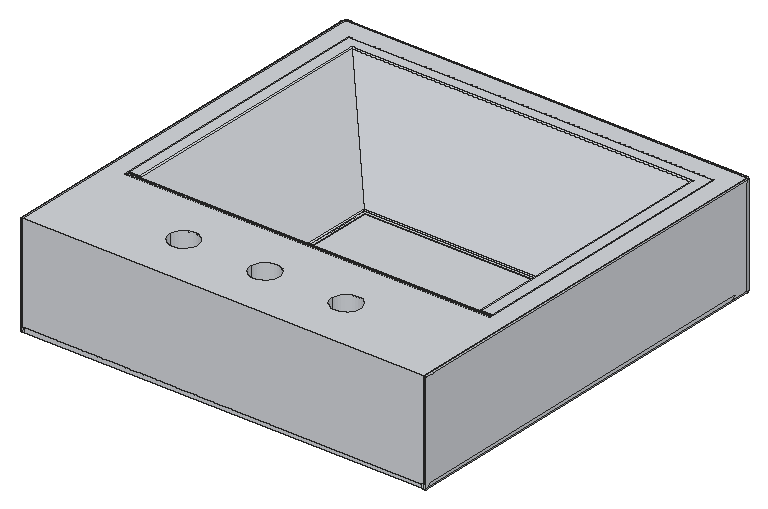
Revit family
Parameters (values of type "400 x 500mm")
  Material = none
  Manufacturer = "Revit"
  Assembly Code = ""
Reference planes
  plane 1: y = 0
  plane 2 "Center (Left/Right)": x = 125
  plane 3 "Back": y = 75
Text (mm)
  text "Placement side" at (-1787.139, 592.35, 0), in view "Ref. Level"
  text "Placement side" at (0, 1827.695, 2917.686), in view "Left"
  text "Placement side" at (0, 562.268, 3853.606), in view "Right"
Dimensions and locks
  locked: plane 3 "Back" to host wall at 0
  aligned and locked: host wall to plane 1
  aligned and locked: plane 3 "Back" to nested 1
Nested families
  nested 1: "Sink_1" at (125, 75, 630), type "400 x 500mm"
Definition of nested family "Sink_1"
  Parameters (values of type "400 x 500mm")
    Material = none
    Manufacturer = "Revit"
    Assembly Code = "D2010440"
  Reference planes
    plane 1 "Center (Front/Back)": y = 0
    plane 2: z = 0
    plane 3 "Center (Left/Right)": x = 0
    plane 4: x = -134.49
    plane 5: x = -249.489
    plane 6: x = -224.489
  Forms (mm)
    Sweep 1, solid, material <- "Material"
      path origin (-125, -75, 0) x (1, 0, 0) y (0, 1, 0)
        loop
          line (-99.49, 210) -> (-99.49, 550) -> (349.489, 550) -> (349.489, 210)
      profile origin (0, 305, 0) x (-1, 0, 0) y (0, 0, 1)
        loop
          line (224.489, 115) -> (224.489, 120) -> (210.598, 120)
          arc (210.598, 120) -> (209.628, 119.749) -> (208.902, 119.06) r 2
          line (208.902, 119.06) -> (135.077, 0.94)
          arc (135.077, 0.94) -> (134.351, 0.251) -> (133.381, 0) r 2
          line (133.381, 0) -> (129.136, 0) -> (129.136, -5.042) -> (137.234, -5.042) -> (212.261, 115) -> (224.489, 115)
    Sweep 2, solid, material <- "Material"
      path origin (-125, -75, 0) x (1, 0, 0) y (0, 1, 0)
        loop
          line (-99.49, 205) -> (349.489, 205)
      profile origin (0, 0, 0) x (0, 1, 0) y (0, 0, 1)
        loop
          line (149.827, 1.749) -> (135.102, 118.251)
          arc (135.102, 118.251) -> (134.441, 119.5) -> (133.118, 120) r 2
          line (133.118, 120) -> (129.881, 120) -> (145.686, -5.042) -> (155.686, -5.042) -> (155.686, 0) -> (151.811, 0)
          arc (151.811, 0) -> (150.489, 0.5) -> (149.827, 1.749) r 2
    Extrusion 3, solid, material <- "Material"
      sketch origin (-125, -75, 0) x (1, 0, 0) y (0, 1, 0)
        loop
          arc (-119.49, 573) -> (-121.611, 572.121) -> (-122.49, 570) r 3
          line (-122.49, 570) -> (-122.49, 75) -> (372.489, 75) -> (372.489, 570)
          arc (372.489, 570) -> (371.611, 572.121) -> (369.489, 573) r 3
          line (369.489, 573) -> (-119.49, 573)
        loop
          circle (25.511, 139.361) r 17.5
        loop
          circle (125.511, 139.361) r 17.5
        loop
          circle (225.511, 139.361) r 17.5
        loop
          line (349.489, 550) -> (-99.49, 550) -> (-99.49, 205) -> (349.489, 205) -> (349.489, 550)
      from 0 to 120
    Sweep 4, solid, material <- "Material"
      path origin (-125, -75, 0) x (1, 0, 0) y (0, 1, 0)
        loop
          line (-124.49, 75) -> (-124.49, 570)
          arc (-124.49, 570) -> (-123.025, 573.536) -> (-119.49, 575) r 5
          line (-119.49, 575) -> (369.489, 575)
          arc (369.489, 575) -> (373.025, 573.536) -> (374.489, 570) r 5
          line (374.489, 570) -> (374.489, 75)
      profile origin (0, 247.5, 0) x (-1, 0, 0) y (0, 0, 1)
        loop
          line (247.49, 120) -> (247.49, -5) -> (248.49, -5)
          arc (248.49, -5) -> (249.197, -4.707) -> (249.49, -4) r 1
          line (249.49, -4) -> (249.49, 119)
          arc (249.49, 119) -> (249.197, 119.707) -> (248.49, 120) r 1
          line (248.49, 120) -> (247.49, 120)
    Extrusion 5, solid, material <- "Material"
      sketch origin (-125, -75, 0) x (1, 0, 0) y (0, 1, 0)
        loop
          arc (-124.49, 80) -> (-123.025, 76.464) -> (-119.49, 75) r 5
          line (-119.49, 75) -> (369.489, 75)
          arc (369.489, 75) -> (373.025, 76.464) -> (374.489, 80) r 5
          line (374.489, 80) -> (374.489, 570)
          arc (374.489, 570) -> (373.025, 573.536) -> (369.489, 575) r 5
          line (369.489, 575) -> (-119.49, 575)
          arc (-119.49, 575) -> (-123.025, 573.536) -> (-124.49, 570) r 5
          line (-124.49, 570) -> (-124.49, 80)
        loop
          circle (125.51, 275) r 23
      from -5.042 to 0
  Lines and regions (mm)
    symbolic lines
      curve 1: line (-244.489, 500, 0) -> (244.49, 500, 0)
      curve 2: arc (244.49, 500, 0) -> (248.025, 498.536, 0) -> (249.49, 495, 0) r 5
      curve 3: line (249.49, 495, 0) -> (249.49, 5, 0)
      curve 4: arc (249.49, 5, 0) -> (248.025, 1.464, 0) -> (244.49, 0, 0) r 5
      curve 5: line (244.49, 0, 0) -> (-244.489, 0, 0)
      curve 6: arc (-244.489, 0, 0) -> (-248.025, 1.464, 0) -> (-249.489, 5, 0) r 5
      curve 7: line (-249.489, 5, 0) -> (-249.489, 495, 0)
      curve 8: arc (-249.489, 495, 0) -> (-248.025, 498.536, 0) -> (-244.489, 500, 0) r 5
      curve 9: line (-219.489, 475, 0) -> (219.49, 475, 0)
      curve 10: arc (219.49, 475, 0) -> (223.025, 473.536, 0) -> (224.49, 470, 0) r 5
      curve 11: line (224.49, 470, 0) -> (224.49, 135, 0)
      curve 12: arc (224.49, 135, 0) -> (223.025, 131.464, 0) -> (219.49, 130, 0) r 5
      curve 13: line (219.49, 130, 0) -> (-219.489, 130, 0)
      curve 14: arc (-219.489, 130, 0) -> (-223.025, 131.464, 0) -> (-224.489, 135, 0) r 5
      curve 15: line (-224.489, 135, 0) -> (-224.489, 470, 0)
      curve 16: arc (-224.489, 470, 0) -> (-223.025, 473.536, 0) -> (-219.489, 475, 0) r 5
      curve 17: line (124.106, 150.048, 0) -> (-126.022, 150.048, 0)
      curve 18: line (-126.022, 150.048, 0) -> (-129.49, 150.048, 0)
      curve 19: arc (-129.49, 150.048, 0) -> (-133.025, 151.513, 0) -> (-134.49, 155.048, 0) r 5
      curve 20: line (-134.49, 155.048, 0) -> (-134.49, 380, 0)
      curve 21: arc (-134.49, 380, 0) -> (-133.025, 383.536, 0) -> (-129.49, 385, 0) r 5
      curve 22: line (-129.49, 385, 0) -> (130.511, 385, 0)
      curve 23: line (-219.489, 470, 0) -> (-137.619, 388.13, 0)
      curve 24: line (219.49, 470, 0) -> (137.185, 387.696, 0)
      curve 25: line (219.49, 135, 0) -> (139.819, 150.477, 0)
      curve 26: line (-219.489, 135, 0) -> (-139.472, 151.032, 0)
      curve 27: arc (23.511, 200, 0) -> (0.511, 177, 0) -> (-22.489, 200, 0) r 23
      curve 28: arc (-22.489, 200, 0) -> (0.511, 223, 0) -> (23.511, 200, 0) r 23
      curve 29: arc (-36.989, 200, 0) -> (0.511, 237.5, 0) -> (38.011, 200, 0) r 37.5
      curve 30: arc (38.011, 200, 0) -> (0.511, 162.5, 0) -> (-36.989, 200, 0) r 37.5
      curve 31: arc (-16.989, 64.361, 0) -> (0.511, 81.861, 0) -> (18.011, 64.361, 0) r 17.5
      curve 32: arc (18.011, 64.361, 0) -> (0.511, 46.861, 0) -> (-16.989, 64.361, 0) r 17.5
      curve 33: arc (83.011, 64.361, 0) -> (100.511, 81.861, 0) -> (118.011, 64.361, 0) r 17.5
      curve 34: arc (118.011, 64.361, 0) -> (100.511, 46.861, 0) -> (83.011, 64.361, 0) r 17.5
      curve 35: arc (-116.989, 64.361, 0) -> (-99.489, 81.861, 0) -> (-81.989, 64.361, 0) r 17.5
      curve 36: arc (-81.989, 64.361, 0) -> (-99.489, 46.861, 0) -> (-116.989, 64.361, 0) r 17.5
      curve 37: spline (-11.99, 136.838, 0) -> (-11.564, 137.639, 0) -> (-10.315, 138.385, 0) -> (-8.328, 139.026, 0) -> (-5.74, 139.518, 0) -> (-2.725, 139.827, 0) -> (0.51, 139.933, 0) -> (3.746, 139.827, 0) -> (6.76, 139.518, 0) -> (9.349, 139.026, 0) -> (11.336, 138.385, 0) -> (12.585, 137.639, 0) -> (13.01, 136.838, 0)
      curve 38: spline (-11.99, 136.838, 0) -> (-11.564, 136.036, 0) -> (-10.315, 135.29, 0) -> (-8.328, 134.649, 0) -> (-5.74, 134.157, 0) -> (-2.725, 133.848, 0) -> (0.51, 133.742, 0) -> (3.746, 133.848, 0) -> (6.76, 134.157, 0) -> (9.349, 134.649, 0) -> (11.336, 135.29, 0) -> (12.585, 136.036, 0) -> (13.01, 136.838, 0)
      curve 39: arc (130.511, 150.048, 0) -> (134.046, 151.513, 0) -> (135.511, 155.048, 0) r 5
      curve 40: line (135.511, 155.048, 0) -> (135.511, 380, 0)
      curve 41: arc (135.511, 380, 0) -> (134.046, 383.536, 0) -> (130.511, 385, 0) r 5
  Dimensions and locks
    locked: curve 1 to curve 5 at 500
    locked: curve 9 to curve 1 at 25
    locked: curve 13 to curve 5 at 130
    locked: curve 17 to curve 13 at 20.048
    locked: curve 22 to curve 17 at 234.952
    locked: curve 22 to curve 9 at 90
    curve 32 to curve 36 to curve 34 to curve 5 = 0 mm, 0 mm, 46.861 mm locked
    curve 27 to curve 30 to curve 17 = 14.5 mm locked, 12.452 mm locked
    locked: curve 38 to curve 13 at 3.742
